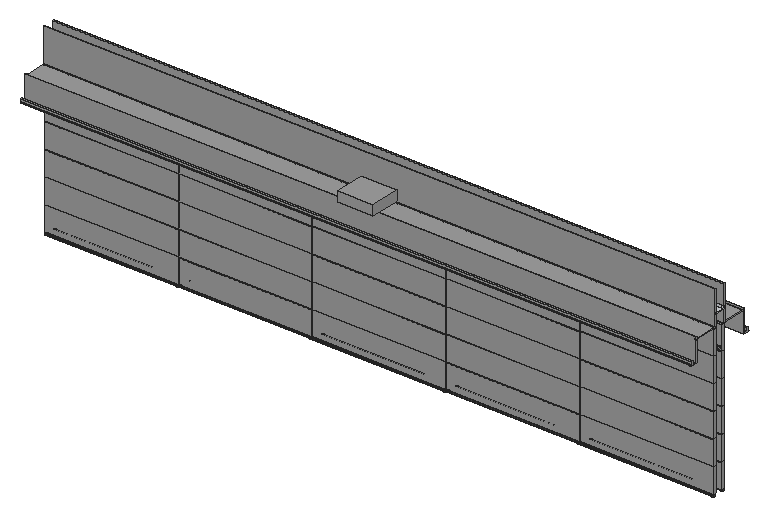
Revit family
Parameters (values of type "10' - 6"")
  Visibility Of Unfold Single Panel [instance] = and(not(Fold), Number Of Panels < 2)  # no
  Visibility Of Fold Single Panel [instance] = and(Fold, Number Of Panels < 2)  # no
  Visibility Of Fold Panels [instance] = and(Fold, Number Of Panels > 1)  # no
  URL = "http://www.skyfold.com/"
  Total Panel Height = ([Panel Height"F"] * 6) + 0' 2 1/2"  # 11' - 11 1/2"
  Pocket Material [instance] = Default
  Panel Array [instance] = if(Number Of Panels < 3, 2, Number Of Panels)  # 5
  Panel 6 Material [instance] = Default
  Panel 5 Material [instance] = Default
  Panel 4 Material [instance] = Default
  Panel 3 Material [instance] = Default
  Panel 2 Material [instance] = Default
  Model = "Compact Drive System"
  Manufacturer = "Skyfold"
  Description = "Custom Powerlift Partitions"
  Center Pantograph Visibility [instance] = Number Of Panels > 2  # yes
  Visibility Of Single Pantograph [instance] = and(Number Of Panels = 2, Total Wall Length > 16' 0")  # no
  Total Wall Length [instance] = 54' - 0"
  Wall Thickness = 0' - 11 3/4"  # constant formula
  Unfold [instance] = and(not(Fold), Number Of Panels > 1)  # yes
  Pocket Width"E" = 4' - 8 3/4"
  Pocket Depth"D" = 1' - 8 1/2"
  Panel Length [instance] = (Total Wall Length - 0' 2" - (Number Of Panels - 1) * 0' 0 1/2") / Number Of Panels  # 10' - 8.8"
  Panel Height"F" = 1' - 11 1/2"
  Offset From Ceiling [instance] = 0' - 0"
  Center Pantographs [instance] = if(Number Of Panels < 3, 2, Number Of Panels - 1)  # 4
  Number Of Panels [instance] = (Total Wall Length / Max Panel Length) + 0.499  # 5
  Motor Positionning [instance] = if(or(Number Of Panels = 1, Total Wall Length < 16' 1", Number Of Panels = 3, Number Of Panels = 5, Number Of Panels = 7, Number Of Panels = 9, Number Of Panels = 11), (Total Wall Length / 2), (Total Wall Length / 2) - (Panel Length / 2))  # 27' - 0"
  Max Wall Length [instance] = 100' - 0"  # constant formula
  Max Panel Length [instance] = 12' - 0"  # constant formula
  Height Between Panels [instance] = [Panel Height"F"] + 0' 0 1/2"  # 2' - 0"
  Fold [instance] = no
  Distance From Acoustic Barrier = 0' - 2"  # constant formula
  Distance Between Panels [instance] = Panel Length + 0' 0 1/2"  # 10' - 9.3"
  Finished Ceiling"A" = 10' - 6"
  Panel 1 Material [instance] = Default
  Top Of Acoustic Barrier [instance] = 15' - 0"
  Assembly Code = ""
  Beam Height"B" = 13' - 2 1/4"
  Acoustic Barrier"C" = 12' - 2 1/2"
Reference planes (in)
  plane 1 "Center (Front/Back)": y = 0
  plane 2 "Ceiling": z = 96
  plane 3 "Center (Left/Right)": x = 0
  plane 4: y = -28.375
  plane 5: y = 28.375
  plane 6: y = -5.875
  plane 7: y = 5.875
  plane 8: x = 648
  plane 9: x = 1
  plane 10: x = 130.3
  plane 11: z = 95.96875
  plane 12: z = 116.46875
  plane 13: z = -30.03125
  plane 14 "Beam height": z = 128.21875
  plane 15 "ouverture": y = -35.68131
  plane 16: x = 324
  plane 17 "BOAB": z = 114.46875
  plane 18: z = 95.96875
Lines and regions (in)
  Opening 1
    outline origin (0, 3.93322, 96) x (1, 0, 0) y (0, 1, 0)
      loop
        line (0, 29.69178) -> (0, -37.55822) -> (648, -37.55822) -> (648, 29.69178) -> (0, 29.69178)
Dimensions and locks (in)
  equal spacing: host sketch curve, plane 3 "Center (Left/Right)", host sketch curve
  equal spacing: host sketch curve, plane 1 "Center (Front/Back)", host sketch curve
  host sketch curve to host sketch curve = 10' - 0"  (x2)
  plane 2 "Ceiling" to level = 7' - 0"
  equal spacing: plane 4, plane 1 "Center (Front/Back)", plane 5
  "Pocket Width"E"": plane 4 to plane 5
  equal spacing: plane 6, plane 1 "Center (Front/Back)", plane 7
  "Wall Thickness": plane 6 to plane 7
  "Total Wall Length": plane 8 to plane 3 "Center (Left/Right)"
  locked: plane 9 to plane 3 "Center (Left/Right)" at 1
  "Distance Between Panels": plane 10 to plane 9
  locked: plane 2 "Ceiling" to plane 11 at 0.03125
  equal spacing: group 1, group 2, group 7, group 9, group 10  (x3)
  equal spacing: group 3, group 4, group 8, group 11, group 12  (x3)
  "Finished Ceiling"A"": plane 11 to plane 13
  "Beam Height"B"": plane 14 "Beam height" to plane 13
  locked: nested 8 to plane 3 "Center (Left/Right)" at 32
  locked: plane 8 to nested 9 at 32
  locked: nested 5 to nested 10 at 0.25
  equal spacing: group 5, group 6, group 13, group 14  (x3)
  "Distance Between Panels": nested 11 to nested 10
  locked: plane 10 to nested 12 at 0.25
  "Motor Positionning": plane 16 to plane 3 "Center (Left/Right)"
  locked: plane 12 to plane 17 "BOAB" at 2
  "Offset From Ceiling": plane 11 to plane 18
  "Pocket Depth"D"": plane 12 to plane 18
  aligned and locked: nested 1 to Opening 1 sketch curve  (x2)
  aligned and locked: Opening 1 sketch curve to plane 8
  aligned and locked: plane 2 "Ceiling" to host ceiling
  aligned and locked: nested 2 to plane 1 "Center (Front/Back)"
  aligned and locked: nested 2 to plane 9
  aligned and locked: Opening 1 sketch curve to nested 1
  aligned and locked: nested 1 to plane 3 "Center (Left/Right)"
  aligned and locked: nested 4 to plane 10
  aligned and locked: plane 10 to nested 5
  aligned and locked: plane 8 to nested 6
  aligned and locked: plane 3 "Center (Left/Right)" to nested 6
  aligned and locked: nested 13 to plane 1 "Center (Front/Back)"
  aligned and locked: plane 14 "Beam height" to nested 6
  aligned and locked: nested 1 to nested 6
  aligned and locked: plane 14 "Beam height" to nested 8
  aligned and locked: plane 14 "Beam height" to nested 12
  aligned and locked: plane 14 "Beam height" to nested 10
  aligned and locked: nested 11 to plane 14 "Beam height"
  aligned and locked: nested 9 to plane 14 "Beam height"
  aligned and locked: nested 14 to plane 1 "Center (Front/Back)"
  aligned and locked: nested 15 to nested 14
  aligned and locked: plane 9 to nested 15
  aligned and locked: nested 16 to nested 14
  aligned and locked: nested 16 to plane 9
  aligned and locked: plane 14 "Beam height" to nested 7
  aligned and locked: plane 16 to nested 7
  aligned and locked: nested 13 to plane 18
  aligned and locked: nested 3 to plane 18
  aligned and locked: nested 15 to plane 18
  aligned and locked: nested 5 to plane 18
  aligned and locked: plane 18 to nested 1
  aligned and locked: nested 14 to plane 17 "BOAB"
  aligned and locked: nested 16 to plane 17 "BOAB"
  aligned and locked: nested 19 to plane 11
  aligned and locked: plane 5 to nested 19
  aligned and locked: nested 21 to plane 14 "Beam height"
  aligned and locked: plane 7 to nested 21
  aligned and locked: plane 15 "ouverture" to nested 20
  aligned and locked: nested 20 to plane 14 "Beam height"
Nested families (in)
  nested 1: "Pocket" at (0, -10.75, 97.27344), Acoustic_Barrier"C" <- "Acoustic Barrier"C"", Total_Wall_Length <- "Total Wall Length", T.O. Acoustic_Barrier <- "Top Of Acoustic Barrier", Beam_Height <- "Beam Height"B"", Pocket Material <- "Pocket Material", type "Pocket"
    with Total_Wall_Length 54' - 0", T.O. Acoustic_Barrier 15' - 0", Pocket Material Default, Motor_Length 2' - 10", Motor_Height 0' - 11 1/2", Beam_Height 13' - 2 1/4", Acoustic_Barrier"C" 12' - 2 1/2", Pocket_Width"E" 4' - 8 3/4", Pocket_Depth"D" 1' - 8 1/2", Finished_Ceiling"A" 10' - 6"
  nested 2: "Groupe_5 panneaux" at (1, 0, -116.39108), panel_length <- "Panel Length", visible <- "Unfold", Total_Panel-Height <- "Total Panel Height", Panel 1 material <- "Panel 1 Material", Panel 2 material <- "Panel 2 Material", Panel 3 material <- "Panel 3 Material", Panel 4 material <- "Panel 4 Material", Panel 5 material <- "Panel 5 Material", Panel 6 material <- "Panel 6 Material", type "Groupe_5 panneaux"
    with panel_length 10' - 8.8", Total_Panel-Height 11' - 11 1/2", Panel 6 material Default, Panel 5 material Default, Panel 4 material Default, Panel 3 material Default, Panel 2 material Default, Panel 1 material Default
  nested 3: "Panneau_hor" at (1, 12.57079, 83.96875), panel_length <- "Panel Length", panel_height <- "Panel Height"F"", visible <- "Visibility Of Fold Panels", Panel_Material <- "Panel 6 Material", type "Panneau_hor"
    with panel_length 10' - 8.8", panel_height 1' - 11 1/2", Panel_Material Default
  nested 4: "Groupe_5 panneaux" at (130.3, 0, -116.39108), panel_length <- "Panel Length", visible <- "Unfold", Total_Panel-Height <- "Total Panel Height", Panel 1 material <- "Panel 1 Material", Panel 2 material <- "Panel 2 Material", Panel 3 material <- "Panel 3 Material", Panel 4 material <- "Panel 4 Material", Panel 5 material <- "Panel 5 Material", Panel 6 material <- "Panel 6 Material", type "Groupe_5 panneaux"
    with panel_length 10' - 8.8", Total_Panel-Height 11' - 11 1/2", Panel 6 material Default, Panel 5 material Default, Panel 4 material Default, Panel 3 material Default, Panel 2 material Default, Panel 1 material Default
  nested 5: "Panneau_hor" at (130.3, 12.57079, 83.96875), panel_length <- "Panel Length", panel_height <- "Panel Height"F"", visible <- "Visibility Of Fold Panels", Panel_Material <- "Panel 6 Material", type "Panneau_hor"
    with panel_length 10' - 8.8", panel_height 1' - 11 1/2", Panel_Material Default
  nested 6: "Beam" at (0, -10.75, 109.52344), type "Pocket"
    with Total_Wall_Length 54' - 0"
  nested 7: "Motor" at (307, -23, 118.21875), type "Compact"
  nested 8: "Pantograph" at (54.25, -4, 115.9375) x (0, 1, 0) z (0, 0, 1), type "Pantograph"
  nested 9: "Pantograph" at (638.25, -4, 115.9375) x (0, 1, 0) z (0, 0, 1), type "Pantograph"
  nested 10: "Pantograph" at (152.3, -4, 115.9375) x (0, 1, 0) z (0, 0, 1), visible <- "Center Pantograph Visibility", type "Pantograph"
  nested 11: "Pantograph" at (281.6, -4, 115.9375) x (0, 1, 0) z (0, 0, 1), visible <- "Center Pantograph Visibility", type "Pantograph"
  nested 12: "Pantograph" at (152.3, -4, 115.9375) x (0, 1, 0) z (0, 0, 1), visible <- "Visibility Of Single Pantograph", type "Pantograph"
  nested 13: "2D Fold Panels" at (1, 2.48811, 95.96875) x (0, 1, 0) z (1, 0, 0), visible <- "Fold", Panel_Height <- "Panel Height"F"", type "Complete Panels"
    with Panel_Height 1' - 11 1/2"
  nested 14: "2D Unfold Panels" at (1, 0.10225, 23.59375) x (0, 1, 0) z (1, 0, 0), visible <- "Unfold", type "Unfold panels"
  nested 15: "Panneau_hor" at (1, 12.57079, 83.96875), panel_length <- "Panel Length", panel_height <- "Panel Height"F"", Panel_Material <- "Panel 1 Material", visible <- "Visibility Of Fold Single Panel", type "Panneau_hor"
    with panel_length 10' - 8.8", panel_height 1' - 11 1/2", Panel_Material Default
  nested 16: "Groupe_5 panneaux" at (1, 0, -116.39108), panel_length <- "Panel Length", visible <- "Visibility Of Unfold Single Panel", Total_Panel-Height <- "Total Panel Height", Panel 6 material <- "Panel 6 Material", Panel 5 material <- "Panel 5 Material", Panel 4 material <- "Panel 4 Material", Panel 3 material <- "Panel 3 Material", Panel 2 material <- "Panel 2 Material", Panel 1 material <- "Panel 1 Material", type "Groupe_5 panneaux"
    with panel_length 10' - 8.8", Total_Panel-Height 11' - 11 1/2", Panel 6 material Default, Panel 5 material Default, Panel 4 material Default, Panel 3 material Default, Panel 2 material Default, Panel 1 material Default
  nested 17: "Groupe_5 panneaux" at (259.6, 0, -116.39108), panel_length <- "Panel Length", visible <- "Unfold", Total_Panel-Height <- "Total Panel Height", Panel 1 material <- "Panel 1 Material", Panel 2 material <- "Panel 2 Material", Panel 3 material <- "Panel 3 Material", Panel 4 material <- "Panel 4 Material", Panel 5 material <- "Panel 5 Material", Panel 6 material <- "Panel 6 Material", type "Groupe_5 panneaux"
    with panel_length 10' - 8.8", Total_Panel-Height 11' - 11 1/2", Panel 6 material Default, Panel 5 material Default, Panel 4 material Default, Panel 3 material Default, Panel 2 material Default, Panel 1 material Default
  nested 18: "Panneau_hor" at (259.6, 12.57079, 83.96875), panel_length <- "Panel Length", panel_height <- "Panel Height"F"", visible <- "Visibility Of Fold Panels", Panel_Material <- "Panel 6 Material", type "Panneau_hor"
    with panel_length 10' - 8.8", panel_height 1' - 11 1/2", Panel_Material Default
  nested 19: "Suspended Ceiling Component" at (648, 28.375, 95.96875) x (0, 1, 0) z (1, 0, 0), type "Suspended Ceiling Component"
  nested 20: "Disclaimer Component" at (648, -35.68131, 128.21875) x (0, 1, 0) z (1, 0, 0), type "Disclaimer Component"
  nested 21: "construction as per ASTM E557 Component" at (648, 5.875, 128.21875) x (0, 1, 0) z (1, 0, 0), type "construction as per ASTM E557 Component"
  nested 22: "Groupe_5 panneaux" at (388.9, 0, -116.39108), panel_length <- "Panel Length", visible <- "Unfold", Total_Panel-Height <- "Total Panel Height", Panel 1 material <- "Panel 1 Material", Panel 2 material <- "Panel 2 Material", Panel 3 material <- "Panel 3 Material", Panel 4 material <- "Panel 4 Material", Panel 5 material <- "Panel 5 Material", Panel 6 material <- "Panel 6 Material", type "Groupe_5 panneaux"
    with panel_length 10' - 8.8", Total_Panel-Height 11' - 11 1/2", Panel 6 material Default, Panel 5 material Default, Panel 4 material Default, Panel 3 material Default, Panel 2 material Default, Panel 1 material Default
  nested 23: "Groupe_5 panneaux" at (518.2, 0, -116.39108), panel_length <- "Panel Length", visible <- "Unfold", Total_Panel-Height <- "Total Panel Height", Panel 1 material <- "Panel 1 Material", Panel 2 material <- "Panel 2 Material", Panel 3 material <- "Panel 3 Material", Panel 4 material <- "Panel 4 Material", Panel 5 material <- "Panel 5 Material", Panel 6 material <- "Panel 6 Material", type "Groupe_5 panneaux"
    with panel_length 10' - 8.8", Total_Panel-Height 11' - 11 1/2", Panel 6 material Default, Panel 5 material Default, Panel 4 material Default, Panel 3 material Default, Panel 2 material Default, Panel 1 material Default
  nested 24: "Panneau_hor" at (388.9, 12.57079, 83.96875), panel_length <- "Panel Length", panel_height <- "Panel Height"F"", visible <- "Visibility Of Fold Panels", Panel_Material <- "Panel 6 Material", type "Panneau_hor"
    with panel_length 10' - 8.8", panel_height 1' - 11 1/2", Panel_Material Default
  nested 25: "Panneau_hor" at (518.2, 12.57079, 83.96875), panel_length <- "Panel Length", panel_height <- "Panel Height"F"", visible <- "Visibility Of Fold Panels", Panel_Material <- "Panel 6 Material", type "Panneau_hor"
    with panel_length 10' - 8.8", panel_height 1' - 11 1/2", Panel_Material Default
  nested 26: "Pantograph" at (410.9, -4, 115.9375) x (0, 1, 0) z (0, 0, 1), visible <- "Center Pantograph Visibility", type "Pantograph"
  nested 27: "Pantograph" at (540.2, -4, 115.9375) x (0, 1, 0) z (0, 0, 1), visible <- "Center Pantograph Visibility", type "Pantograph"
Definition of nested family "Pocket"
  Parameters (values of type "Pocket")
    Total_Wall_Length [instance] = 35' - 0"
    T.O. Acoustic_Barrier [instance] = 13' - 0"
    Pocket_Width"E" = 4' - 6 1/2"
    Pocket_Depth"D" = 1' - 8 1/4"
    Pocket Material [instance] = Pocket mat
    Motor_Length [instance] = 2' - 6 29/128"
    Motor_Height [instance] = 1' - 3"
    Finished_Ceiling"A" = 10' - 4"
    Assembly Code = ""
    Beam_Height [instance] = 10' - 0"
    Acoustic_Barrier"C" [instance] = 3' - 0"
  Reference planes (in)
    plane 1 "Center (Front/Back)": y = 10.75
    plane 2: z = 18.94531
    plane 3 "Center (Left/Right)": x = 0
    plane 4: z = -1.30469
    plane 5: y = -16.5
    plane 6: y = 38
    plane 7: y = -21.75
    plane 8: y = 43.25
    plane 9: z = 2.32031
    plane 10: y = 4.75
    plane 11: y = 16.75
    plane 12: x = 420
    plane 13: z = 24.69531
    plane 14: z = 71.18777
    plane 15: z = 30.69531
    plane 16: z = -125.30469
    plane 17: x = 12.89513
    plane 18: x = 203.52734
    plane 19: z = -5.30469
  Forms (in)
    Extrusion 1, solid, material "Pocket mat" <- "Pocket Material"
      sketch origin (0, 0, 0) x (0, 1, 0) y (0, 0, 1)
        loop
          line (-21.75, 2.32031) -> (-21.75, -1.30469) -> (-16.5, -1.30469) -> (-16.5, 20.94531) -> (-17.125, 20.94531) -> (-17.125, -0.67969) -> (-21.125, -0.67969) -> (-21.125, 2.32031) -> (-21.75, 2.32031)
        loop
          line (-16.28125, 18.94531) -> (4.53125, 18.94531) -> (4.53125, 19.57031) -> (-16.28125, 19.57031) -> (-16.28125, 18.94531)
      from 0 to 420
    Extrusion 2, solid, material "Pocket mat" <- "Pocket Material"
      sketch origin (0, 0, 0) x (0, 1, 0) y (0, 0, 1)
        loop
          line (9.75, -1.30469) -> (11.75, -1.30469) -> (11.75, -1.05469) -> (10.875, -1.05469) -> (10.875, 0.69531) -> (10.625, 0.69531) -> (10.625, -1.05469) -> (9.75, -1.05469) -> (9.75, -1.30469)
      from 0 to 420
    Extrusion 3, solid, material "Pocket mat" <- "Pocket Material"
      sketch origin (0, 0, 0) x (0, 1, 0) y (0, 0, 1)
        loop
          line (4.75, 18.94531) -> (5.75, 18.94531) -> (5.75, 30.69531) -> (4.75, 30.69531) -> (4.75, 18.94531)
      from 0 to 420
    Extrusion 4, solid, material "Pocket mat" <- "Pocket Material"
      sketch origin (0, 21.5, 0) x (0, -1, 0) y (0, 0, -1)
        loop
          line (4.75, -18.94531) -> (4.75, -30.69531) -> (5.75, -30.69531) -> (5.75, -18.94531) -> (4.75, -18.94531)
      from 0 to 420
    Extrusion 5, solid, material "Pocket mat" <- "Pocket Material"
      sketch origin (420, 0, 0) x (0, 1, 0) y (0, 0, 1)
        loop
          line (-16.5, 19.64844) -> (-16.5, 18.85156) -> (-15.75, 18.85156) -> (-15.75, 18.94531) -> (-16.40625, 18.94531) -> (-16.40625, 19.64844) -> (-16.5, 19.64844)
      from -420 to 0
    Extrusion 6, solid, material "Pocket mat" <- "Pocket Material"
      sketch origin (420, -21.98359, 0) x (0, -1, 0) y (0, 0, -1)
        loop
          line (-26.73359, -19.64844) -> (-26.63984, -19.64844) -> (-26.63984, -18.94531) -> (-25.98359, -18.94531) -> (-25.98359, -18.85156) -> (-26.73359, -18.85156) -> (-26.73359, -19.64844)
      from -420 to 0
    Extrusion 7, solid, material "Pocket mat" <- "Pocket Material"
      sketch origin (420, -57.55768, -19.35805) x (0, -1, 0) y (0, 0, -1)
        loop
          line (-35.80768, -18.75649) -> (-35.71393, -18.75649) -> (-35.71393, -18.05336) -> (-35.05768, -18.05336) -> (-35.05768, -17.95961) -> (-35.80768, -17.95961) -> (-35.80768, -18.75649)
      from -420 to 0
    Extrusion 8, solid, material "Pocket mat" <- "Pocket Material"
      sketch origin (0, 21.5, 0) x (0, -1, 0) y (0, 0, -1)
        loop
          line (-21.75, -2.32031) -> (-21.125, -2.32031) -> (-21.125, 0.67969) -> (-17.125, 0.67969) -> (-17.125, -20.94531) -> (-16.5, -20.94531) -> (-16.5, 1.30469) -> (-21.75, 1.30469) -> (-21.75, -2.32031)
        loop
          line (-16.28125, -18.94531) -> (-16.28125, -19.57031) -> (4.53125, -19.57031) -> (4.53125, -18.94531) -> (-16.28125, -18.94531)
      from 0 to 420
    Extrusion 9, solid, material "Pocket mat" <- "Pocket Material"
      sketch origin (420, 21.5, 0) x (0, -1, 0) y (0, 0, -1)
        loop
          line (-16.5, -19.64844) -> (-16.40625, -19.64844) -> (-16.40625, -18.94531) -> (-15.75, -18.94531) -> (-15.75, -18.85156) -> (-16.5, -18.85156) -> (-16.5, -19.64844)
      from -420 to 0
    Extrusion 10, solid, material "Pocket mat" <- "Pocket Material"
      sketch origin (420, 43.48359, 0) x (0, 1, 0) y (0, 0, 1)
        loop
          line (-26.73359, 19.64844) -> (-26.73359, 18.85156) -> (-25.98359, 18.85156) -> (-25.98359, 18.94531) -> (-26.63984, 18.94531) -> (-26.63984, 19.64844) -> (-26.73359, 19.64844)
      from -420 to 0
    Extrusion 11, solid, material "Pocket mat" <- "Pocket Material"
      sketch origin (420, 79.05768, -19.35805) x (0, 1, 0) y (0, 0, 1)
        loop
          line (-35.80768, 18.75649) -> (-35.80768, 17.95961) -> (-35.05768, 17.95961) -> (-35.05768, 18.05336) -> (-35.71393, 18.05336) -> (-35.71393, 18.75649) -> (-35.80768, 18.75649)
      from -420 to 0
  Lines and regions (in)
    symbolic lines
      curve 1: line (420, -21.125, -0.67969) -> (420, -17.125, -0.67969)
      curve 2: line (420, -21.125, 30.69531) -> (420, -21.125, -0.67969)
      curve 3: line (420, -17.125, 30.69531) -> (420, -21.125, 30.69531)
      curve 4: line (420, -17.125, -0.67969) -> (420, -17.125, 30.69531)
      curve 5: line (420, 42.625, -0.67969) -> (420, 38.625, -0.67969)
      curve 6: line (420, 42.625, 30.69531) -> (420, 42.625, -0.67969)
      curve 7: line (420, 38.625, 30.69531) -> (420, 42.625, 30.69531)
      curve 8: line (420, 38.625, -0.67969) -> (420, 38.625, 30.69531)
    symbolic lines, style "GenericModel"
      curve 9: line (0, 5.25, 30.69531) -> (0, 5.25, 18.94531)
      curve 10: line (0, 16.25, 30.69531) -> (0, 16.25, 18.94531)
  Dimensions and locks (in)
    locked: plane 7 to plane 5 at 5.25
    locked: plane 9 to plane 4 at 3.625
    locked: plane 6 to plane 8 at 5.25
    plane 10 to plane 1 "Center (Front/Back)" = 0' - 6"
    plane 10 to plane 11 = 1' - 0"
    "Pocket_Width"E"": plane 5 to plane 6
    equal spacing: plane 5, plane 1 "Center (Front/Back)", plane 6
    "Finished_Ceiling"A"": plane 4 to level
    locked: plane 7 to Extrusion 1 sketch curve at 0.625
    locked: Extrusion 1 sketch curve to plane 4 at 0.625
    locked: Extrusion 1 sketch curve to Extrusion 1 sketch curve at 0.625
    Extrusion 1 sketch curve to Extrusion 1 sketch curve = 0' - 0 5/8"
    "Total_Wall_Length": plane 12 to plane 3 "Center (Left/Right)"
    equal spacing: Extrusion 2 sketch curve, plane 1 "Center (Front/Back)", Extrusion 2 sketch curve  (x2)
    locked: Extrusion 2 sketch curve to plane 4 at 2
    locked: Extrusion 2 sketch curve to plane 4 at 0.25
    locked: Extrusion 2 sketch curve to plane 1 "Center (Front/Back)" at 0.125
    locked: Extrusion 1 sketch curve to Extrusion 1 sketch curve at 0.21875
    Extrusion 1 sketch curve to plane 2 = 0' - 2"
    locked: plane 10 to Extrusion 3 sketch curve at 1
    "Pocket_Depth"D"": plane 2 to plane 4
    locked: plane 13 to plane 16 at 150
    "T.O. Acoustic_Barrier": plane 15 to plane 16
    locked: plane 18 to plane 3 "Center (Left/Right)" at 203.52734
    "Beam_Height": plane 19 to plane 16
    plane 4 to plane 16 = 10' - 4"
    Extrusion 1 to Extrusion 1 to plane 5 = 0' - 0 5/8", 0' - 0"
    locked: Extrusion 1 sketch curve to Extrusion 1 sketch curve at 1.375
    locked: Extrusion 1 sketch curve to plane 10 at 0.21875
    locked: Extrusion 5 sketch curve to Extrusion 5 sketch curve at 0.09375  (x2)
    locked: Extrusion 5 sketch curve to Extrusion 5 sketch curve at 0.79688
    locked: Extrusion 5 sketch curve to Extrusion 5 sketch curve at 0.75
    locked: Extrusion 6 sketch curve to Extrusion 6 sketch curve at 0.09375  (x2)
    locked: Extrusion 6 sketch curve to Extrusion 6 sketch curve at 0.79688
    locked: Extrusion 6 sketch curve to Extrusion 6 sketch curve at 0.75
    locked: Extrusion 7 sketch curve to Extrusion 7 sketch curve at 0.09375  (x2)
    locked: Extrusion 7 sketch curve to Extrusion 7 sketch curve at 0.79688
    locked: Extrusion 7 sketch curve to Extrusion 7 sketch curve at 0.75
    locked: Extrusion 8 sketch curve to Extrusion 8 sketch curve at 0.625
    Extrusion 8 sketch curve to Extrusion 8 sketch curve = 0' - 0 5/8"
    locked: Extrusion 8 sketch curve to Extrusion 8 sketch curve at 0.21875
    Extrusion 8 sketch curve to Extrusion 8 sketch curve = 0' - 1 3/8"
    locked: Extrusion 9 sketch curve to Extrusion 9 sketch curve at 0.09375  (x2)
    locked: Extrusion 9 sketch curve to Extrusion 9 sketch curve at 0.79688
    locked: Extrusion 9 sketch curve to Extrusion 9 sketch curve at 0.75
    locked: Extrusion 10 sketch curve to Extrusion 10 sketch curve at 0.09375  (x2)
    locked: Extrusion 10 sketch curve to Extrusion 10 sketch curve at 0.79688
    locked: Extrusion 10 sketch curve to Extrusion 10 sketch curve at 0.75
    locked: Extrusion 11 sketch curve to Extrusion 11 sketch curve at 0.09375  (x2)
    locked: Extrusion 11 sketch curve to Extrusion 11 sketch curve at 0.79688
    locked: Extrusion 11 sketch curve to Extrusion 11 sketch curve at 0.75
    aligned and locked: plane 12 to Extrusion 1
    aligned and locked: Extrusion 2 sketch curve to Extrusion 2 sketch curve
    aligned and locked: Extrusion 2 to plane 3 "Center (Left/Right)"
    aligned and locked: plane 12 to Extrusion 2
    aligned and locked: Extrusion 3 sketch curve to plane 2
    aligned and locked: Extrusion 3 sketch curve to plane 10
    aligned and locked: plane 15 to Extrusion 4
    aligned and locked: plane 15 to Extrusion 3
    aligned and locked: plane 12 to Extrusion 3
    aligned and locked: plane 12 to Extrusion 4
    aligned and locked: plane 16 to level
    aligned and locked: curve 1 to Extrusion 1  (x2)
    aligned and locked: curve 4 to Extrusion 1
    aligned and locked: curve 7 to plane 15
    aligned and locked: plane 5 to Extrusion 5
    aligned and locked: plane 2 to Extrusion 5
    aligned and locked: plane 10 to Extrusion 6
    aligned and locked: plane 2 to Extrusion 6
    aligned and locked: plane 7 to Extrusion 7
    aligned and locked: plane 4 to Extrusion 7
    aligned and locked: plane 6 to Extrusion 9
    aligned and locked: plane 4 to Extrusion 11
    aligned and locked: Extrusion 11 to plane 8
    aligned and locked: plane 12 to Extrusion 5
    aligned and locked: plane 12 to Extrusion 6
    aligned and locked: Extrusion 10 to plane 3 "Center (Left/Right)"
    aligned and locked: Extrusion 6 to plane 3 "Center (Left/Right)"
    aligned and locked: Extrusion 5 to plane 3 "Center (Left/Right)"
    aligned and locked: plane 12 to Extrusion 10
    aligned and locked: plane 12 to Extrusion 9
    aligned and locked: Extrusion 9 to plane 3 "Center (Left/Right)"
    aligned and locked: plane 12 to Extrusion 7
    aligned and locked: plane 12 to Extrusion 11
    aligned and locked: Extrusion 7 to plane 3 "Center (Left/Right)"
    aligned and locked: Extrusion 11 to plane 3 "Center (Left/Right)"
    aligned and locked: Extrusion 8 to curve 8
    aligned and locked: curve 6 to Extrusion 8
    aligned and locked: curve 5 to Extrusion 8
    aligned and locked: plane 12 to Extrusion 8
    aligned and locked: Extrusion 1 to plane 3 "Center (Left/Right)"
    aligned and locked: Extrusion 8 to plane 3 "Center (Left/Right)"
    aligned and locked: Extrusion 8 to Extrusion 1
  Automatic sketch dimensions
    curve 9 to plane 2 = 0' - 0"
    curve 9 to plane 15 = 0' - 0"
    curve 10 to plane 2 = 0' - 0"
    curve 10 to plane 15 = 0' - 0"
    plane 10 to curve 9 = 0' - 0 1/2"
    curve 10 to plane 11 = 0' - 0 1/2"
    Extrusion 1 sketch curve to plane 4 = 0' - 0"
    Extrusion 1 sketch curve to plane 7 = 0' - 0"
    Extrusion 1 sketch curve to plane 5 = 0' - 0"
    Extrusion 1 sketch curve to plane 9 = 0' - 0"
    Extrusion 2 sketch curve to plane 4 = 0' - 0"
    Extrusion 2 sketch curve to Extrusion 2 sketch curve = 0' - 0 7/8"
    Extrusion 3 sketch curve to plane 15 = 0' - 0"
    Extrusion 4 sketch curve to plane 11 = 0' - 0"
    Extrusion 4 sketch curve to plane 15 = 0' - 0"
    Extrusion 4 sketch curve to plane 2 = 0' - 0"
    plane 11 to Extrusion 4 sketch curve = 0' - 1"
    curve 3 to Extrusion 3 = 0' - 0"
    Extrusion 5 sketch curve to Extrusion 3 = 0' - 0"
    Extrusion 3 to Extrusion 5 sketch curve = 1' - 9 1/4"
    Extrusion 6 sketch curve to Extrusion 3 = 0' - 0"  (x2)
    Extrusion 3 to Extrusion 7 sketch curve = 2' - 2 1/2"
    Extrusion 3 to Extrusion 7 sketch curve = 1' - 7 35/64"
    Extrusion 8 sketch curve to plane 4 = 0' - 0"
    Extrusion 8 sketch curve to plane 8 = 0' - 0"
    Extrusion 8 sketch curve to plane 9 = 0' - 0"
    Extrusion 8 sketch curve to plane 6 = 0' - 0"
    Extrusion 8 sketch curve to plane 2 = 0' - 0"
    plane 8 to Extrusion 8 sketch curve = 0' - 0 5/8"
    Extrusion 8 sketch curve to plane 11 = 0' - 0 7/32"
    Extrusion 8 sketch curve to plane 4 = 0' - 0 5/8"
    Extrusion 3 to Extrusion 9 sketch curve = 0' - 0"
    Extrusion 3 to Extrusion 9 sketch curve = 2' - 8 1/4"
    Extrusion 3 to Extrusion 10 sketch curve = 0' - 0"
    Extrusion 3 to Extrusion 10 sketch curve = 0' - 11"
    Extrusion 3 to Extrusion 11 sketch curve = 3' - 1 1/2"
    Extrusion 3 to Extrusion 11 sketch curve = 1' - 8 11/32"
Definition of nested family "Groupe_5 panneaux"
  Parameters (values of type "Groupe_5 panneaux")
    panel_length [instance] = 3' - 0"
    panel_height = 1' - 11 1/2"
    folded_width = 0' - 11 3/4"
    Total_Panel-Height [instance] = 9' - 2 3/4"
    Panel 6 material [instance] = wood
    Panel 5 material [instance] = Verre
    Panel 4 material [instance] = wood
    Panel 3 material [instance] = Verre
    Panel 2 material [instance] = wood
    Panel 1 material [instance] = Verre
    Height_distance_bet_panels = panel_height + 0' 0 1/2"  # 2' - 0"
    Assembly Code = ""
  Reference planes (in)
    plane 1 "Center (Front/Back)": y = 0
    plane 2: z = 0
    plane 3 "Center (Left/Right)": x = 0
    plane 4: y = 5.875
    plane 5: z = 231.96921
    plane 6: y = -5.875
    plane 7: x = 36
    plane 8: z = 121.21921
    plane 9: z = 207.96921
    plane 10: z = 183.96921
    plane 11: z = 159.96921
    plane 12: z = 135.96921
    plane 13: z = 111.96921
    plane 14: z = 208.46921
  Forms (in)
    Extrusion 1, solid, material "Plastic_Seal"
      sketch origin (0, 1.79895, 58.50004) x (0, 1, 0) y (0, 0, 1)
        loop
          line (-6.80477, 61.03907) -> (-7.05382, 62.46917) -> (-6.92395, 62.46917) -> (-6.92395, 62.71918) -> (-7.67395, 62.71918) -> (-7.67395, 62.46917) -> (-7.41508, 62.46917) -> (-7.66413, 61.03907)
          arc (-7.66413, 61.03907) -> (-7.23445, 60.60939) -> (-6.80477, 61.03907) r 0.42968
      from 0 to 36
    Extrusion 2, solid, material "Plastic_Seal"
      sketch origin (0, -1.79895, 58.50004) x (0, -1, 0) y (0, 0, -1)
        loop
          arc (-6.80477, -61.03907) -> (-7.23445, -60.60939) -> (-7.66413, -61.03907) r 0.42968
          line (-7.66413, -61.03907) -> (-7.41508, -62.46917) -> (-7.67395, -62.46917) -> (-7.67395, -62.71918) -> (-6.92395, -62.71918) -> (-6.92395, -62.46917) -> (-7.05382, -62.46917) -> (-6.80477, -61.03907)
      from 0 to 36
  Dimensions and locks (in)
    equal spacing: plane 6, plane 1 "Center (Front/Back)", plane 4
    "folded_width": plane 6 to plane 4
    "panel_length": plane 7 to plane 3 "Center (Left/Right)"
    "Total_Panel-Height": plane 5 to plane 8
    equal spacing: plane 5, plane 9, plane 10, plane 11, plane 12, plane 13
    "Height_distance_bet_panels": plane 5 to plane 9
    locked: plane 14 to plane 9 at 0.5
    aligned: plane 6 to nested 1
    aligned: nested 1 to plane 5  (x2)
    aligned and locked: plane 7 to Extrusion 1
    aligned and locked: Extrusion 1 to plane 3 "Center (Left/Right)"
    aligned and locked: Extrusion 1 to plane 6
    aligned and locked: Extrusion 2 to plane 3 "Center (Left/Right)"
    aligned and locked: plane 7 to Extrusion 2
    aligned and locked: nested 3 to plane 9
    aligned and locked: plane 9 to nested 2
    aligned and locked: nested 5 to plane 10
    aligned and locked: plane 10 to nested 4
    aligned and locked: nested 7 to plane 11
    aligned and locked: plane 11 to nested 6
    aligned and locked: nested 9 to plane 12
    aligned and locked: plane 12 to nested 8
    aligned and locked: nested 11 to plane 13
    aligned and locked: plane 13 to nested 10
    aligned: plane 14 to nested 1
    aligned and locked: nested 12 to plane 4
    aligned: plane 14 to nested 12
    aligned and locked: nested 1 to plane 5
    aligned and locked: nested 12 to plane 5
    aligned and locked: nested 11 to plane 6
    aligned and locked: plane 4 to nested 10
    aligned and locked: plane 6 to nested 9
    aligned and locked: plane 4 to nested 8
    aligned and locked: plane 4 to nested 6
    aligned and locked: plane 6 to nested 7
    aligned and locked: plane 4 to nested 4
    aligned and locked: plane 6 to nested 5
    aligned and locked: plane 4 to nested 2
    aligned and locked: plane 6 to nested 3
    aligned and locked: plane 6 to nested 1
  Automatic sketch dimensions
    Extrusion 1 sketch curve to plane 6 = 0' - 0"
    plane 6 to Extrusion 1 sketch curve = 0' - 0.00982"
    Extrusion 1 sketch curve to Extrusion 1 sketch curve = 0' - 0.25887"
    Extrusion 1 sketch curve to Extrusion 1 sketch curve = 0' - 0 55/128"
    Extrusion 1 sketch curve to plane 8 = 0' - 0 1/4"  (x2)
    Extrusion 1 sketch curve to Extrusion 1 sketch curve = 0' - 0.36126"
    plane 8 to Extrusion 1 sketch curve = 0' - 0"
    Extrusion 1 sketch curve to Extrusion 1 sketch curve = 0' - 0.12987"
    Extrusion 1 sketch curve to Extrusion 1 sketch curve = 0' - 1.4301"
    Extrusion 2 sketch curve to plane 4 = 0' - 0"
    plane 4 to Extrusion 2 sketch curve = 0' - 0.00982"
    Extrusion 2 sketch curve to Extrusion 2 sketch curve = 0' - 0.25887"
    Extrusion 2 sketch curve to Extrusion 2 sketch curve = 0' - 0 55/128"
    plane 8 to Extrusion 2 sketch curve = 0' - 0 1/4"  (x2)
    Extrusion 2 sketch curve to Extrusion 2 sketch curve = 0' - 0.36126"
    Extrusion 2 sketch curve to plane 8 = 0' - 0"
    Extrusion 2 sketch curve to Extrusion 2 sketch curve = 0' - 0.12987"
    Extrusion 2 sketch curve to Extrusion 2 sketch curve = 0' - 1.4301"
  Nested families (in)
    nested 1: "Top Panel" at (0, -3.625, 208.46921), panel_length <- "panel_length", Panel_Material <- "Panel 1 material", panel_height <- "panel_height", type "Top Panel"
      with panel_length 3' - 0", panel_height 1' - 11 1/2", Panel_Material Verre
    nested 2: "Panneau_top" at (0, 3.625, 184.46921), panel_height <- "panel_height", panel_length <- "panel_length", Panel_Material <- "Panel 2 material", type "Panneau_top"
      with panel_length 3' - 0", panel_height 1' - 11 1/2", Panel_Material wood
    nested 3: "Panneau_top" at (0, -3.625, 184.46921), panel_height <- "panel_height", panel_length <- "panel_length", Panel_Material <- "Panel 2 material", type "Panneau_top"
      with panel_length 3' - 0", panel_height 1' - 11 1/2", Panel_Material wood
    nested 4: "Panneau_top" at (0, 3.625, 160.46921), panel_height <- "panel_height", panel_length <- "panel_length", Panel_Material <- "Panel 3 material", type "Panneau_top"
      with panel_length 3' - 0", panel_height 1' - 11 1/2", Panel_Material Verre
    nested 5: "Panneau_top" at (0, -3.625, 160.46921), panel_height <- "panel_height", panel_length <- "panel_length", Panel_Material <- "Panel 3 material", type "Panneau_top"
      with panel_length 3' - 0", panel_height 1' - 11 1/2", Panel_Material Verre
    nested 6: "Panneau_top" at (0, 3.625, 136.46921), panel_height <- "panel_height", panel_length <- "panel_length", Panel_Material <- "Panel 4 material", type "Panneau_top"
      with panel_length 3' - 0", panel_height 1' - 11 1/2", Panel_Material wood
    nested 7: "Panneau_top" at (0, -3.625, 136.46921), panel_height <- "panel_height", panel_length <- "panel_length", Panel_Material <- "Panel 4 material", type "Panneau_top"
      with panel_length 3' - 0", panel_height 1' - 11 1/2", Panel_Material wood
    nested 8: "Panneau_top" at (0, 3.625, 112.46921), panel_height <- "panel_height", panel_length <- "panel_length", Panel_Material <- "Panel 5 material", type "Panneau_top"
      with panel_length 3' - 0", panel_height 1' - 11 1/2", Panel_Material Verre
    nested 9: "Panneau_top" at (0, -3.625, 112.46921), panel_height <- "panel_height", panel_length <- "panel_length", Panel_Material <- "Panel 5 material", type "Panneau_top"
      with panel_length 3' - 0", panel_height 1' - 11 1/2", Panel_Material Verre
    nested 10: "Panneau_top" at (0, 3.625, 88.46921), panel_height <- "panel_height", panel_length <- "panel_length", Panel_Material <- "Panel 6 material", type "Panneau_top"
      with panel_length 3' - 0", panel_height 1' - 11 1/2", Panel_Material wood
    nested 11: "Panneau_top" at (0, -3.625, 88.46921), panel_height <- "panel_height", panel_length <- "panel_length", Panel_Material <- "Panel 6 material", type "Panneau_top"
      with panel_length 3' - 0", panel_height 1' - 11 1/2", Panel_Material wood
    nested 12: "Top Panel" at (0, 5.875, 208.46921), panel_length <- "panel_length", Panel_Material <- "Panel 1 material", panel_height <- "panel_height", type "Top Panel"
      with panel_length 3' - 0", panel_height 1' - 11 1/2", Panel_Material Verre
  Definition of nested family "Top Panel"
    Parameters (values of type "Top Panel")
      panel_length [instance] = 4' - 0"
      panel_height [instance] = 4' - 0"
      Panel_Material [instance] = wood
      Assembly Code = ""
    Reference planes (in)
      plane 1 "Center (Front/Back)": y = 0
      plane 2: z = 0
      plane 3 "Center (Left/Right)": x = 0
      plane 4: z = 48
      plane 5: x = 48
      plane 6: z = 46.89062
    Forms (in)
      Extrusion 1, solid, material "wood" <- "Panel_Material"
        sketch origin (0, 1.5, 0) x (0, 1, 0) y (0, 0, 1)
          loop
            line (-1.5, 46.89063) -> (-1.5, 0) -> (0.75, 0) -> (0.75, 46.89063) -> (-1.5, 46.89063)
        from 0 to 48
    Dimensions and locks (in)
      "panel_length": plane 5 to plane 3 "Center (Left/Right)"
      "panel_height": plane 4 to plane 2
      locked: plane 1 "Center (Front/Back)" to Extrusion 1 at 2.25
      locked: plane 4 to plane 6 at 1.10937
      aligned: plane 4 to Extrusion 1
      aligned and locked: plane 5 to Extrusion 1
      aligned and locked: Extrusion 1 sketch curve to plane 2
      aligned and locked: plane 1 "Center (Front/Back)" to Extrusion 1
      aligned and locked: plane 6 to Extrusion 1
    Automatic sketch dimensions
      Extrusion 1 sketch curve to plane 4 = 0' - 1 7/64"
      Extrusion 1 sketch curve to Extrusion 1 sketch curve = 0' - 2 1/4"
      Extrusion 1 sketch curve to plane 1 "Center (Front/Back)" = 0' - 0"
  Definition of nested family "Panneau_top"
    Parameters (values of type "Panneau_top")
      panel_length [instance] = 4' - 0"
      panel_height [instance] = 4' - 0"
      Panel_Material [instance] = wood
      Assembly Code = ""
    Reference planes (in)
      plane 1 "Center (Front/Back)": y = 0
      plane 2: z = 0
      plane 3 "Center (Left/Right)": x = 0
      plane 4: z = 48
      plane 5: x = 48
    Forms (in)
      Extrusion 1, solid, material "wood" <- "Panel_Material"
        sketch origin (0, 1.5, 0) x (0, 1, 0) y (0, 0, 1)
          loop
            line (-1.5, 48) -> (-1.5, 0) -> (0.75, 0) -> (0.75, 48) -> (-1.5, 48)
        from 0 to 48
    Dimensions and locks (in)
      "panel_length": plane 5 to plane 3 "Center (Left/Right)"
      "panel_height": plane 4 to plane 2
      locked: plane 1 "Center (Front/Back)" to Extrusion 1 at 2.25
      aligned and locked: plane 4 to Extrusion 1
      aligned and locked: plane 5 to Extrusion 1
      aligned and locked: Extrusion 1 sketch curve to plane 2
      aligned and locked: plane 1 "Center (Front/Back)" to Extrusion 1
    Automatic sketch dimensions
      Extrusion 1 sketch curve to plane 4 = 0' - 0"
      Extrusion 1 sketch curve to Extrusion 1 sketch curve = 0' - 2 1/4"
      Extrusion 1 sketch curve to plane 1 "Center (Front/Back)" = 0' - 0"
Definition of nested family "Panneau_hor"
  Parameters (values of type "Panneau_hor")
    pocket_depth = 3' - 0"
    panel_length [instance] = 4' - 0"
    panel_height [instance] = 3' - 0"
    Panel_Material [instance] = Wood
    Assembly Code = ""
  Reference planes (in)
    plane 1 "Center (Front/Back)": y = -12.57079
    plane 2: z = 0
    plane 3 "Center (Left/Right)": x = 0
    plane 4: z = 48
    plane 5: x = 48
    plane 6: y = -15.82079
    plane 7: y = -9.32079
    plane 8: z = 12
    plane 9: y = 26.67921
    plane 10: z = 14.25
    plane 11: y = -51.82079
  Forms (in)
    Extrusion 1, solid, material "Wood" <- "Panel_Material"
      sketch origin (0, 5.05768, 40.06591) x (0, 0, -1) y (0, 1, 0)
        loop
          line (25.81591, 21.62154) -> (25.81591, -14.37846) -> (28.06591, -14.37846) -> (28.06591, 21.62154) -> (25.81591, 21.62154)
      from 0 to 48
    Extrusion 2, solid, material "Wood" <- "Panel_Material"
      sketch origin (0, -28.3555, 40.06591) x (0, 0, -1) y (0, 1, 0)
        loop
          line (25.81591, -23.46529) -> (28.06591, -23.46529) -> (28.06591, 12.53471) -> (25.81591, 12.53471) -> (25.81591, -23.46529)
      from 0 to 48
    Extrusion 3, solid, material "Seal_Plastic"
      sketch origin (0, 0, 0) x (0, 1, 0) y (0, 0, 1)
        loop
          line (-13.96908, 12.83522) -> (-15.57077, 12.58617) -> (-15.57077, 12.71604) -> (-15.82079, 12.71604) -> (-15.82079, 12) -> (-15.57077, 12) -> (-15.57077, 12.22491) -> (-13.96908, 11.97586)
          arc (-13.96908, 11.97586) -> (-13.5394, 12.40554) -> (-13.96908, 12.83522) r 0.42968
      from 0 to 48
    Extrusion 4, solid, material "Seal_Plastic"
      sketch origin (0, -25.14157, 0) x (0, -1, 0) y (0, 0, -1)
        loop
          arc (-13.96908, -12.83522) -> (-13.5394, -12.40554) -> (-13.96908, -11.97586) r 0.42968
          line (-13.96908, -11.97586) -> (-15.57077, -12.22491) -> (-15.57077, -12) -> (-15.82079, -12) -> (-15.82079, -12.71604) -> (-15.57077, -12.71604) -> (-15.57077, -12.58617) -> (-13.96908, -12.83522)
      from 0 to 48
  Dimensions and locks (in)
    "panel_length": plane 5 to plane 3 "Center (Left/Right)"
    equal spacing: plane 6, plane 1 "Center (Front/Back)", plane 7
    locked: plane 6 to plane 7 at 6.5
    "pocket_depth": plane 4 to plane 8
    "panel_height": plane 7 to plane 9
    locked: plane 10 to plane 8 at 2.25
    "panel_height": plane 11 to plane 6
    aligned: Extrusion 1 to plane 4
    aligned and locked: plane 5 to Extrusion 1
    aligned and locked: Extrusion 1 to plane 7
    aligned and locked: plane 9 to Extrusion 1
    aligned and locked: Extrusion 1 to plane 8
    aligned and locked: plane 10 to Extrusion 1
    aligned and locked: Extrusion 2 to plane 11
    aligned and locked: plane 5 to Extrusion 2
    aligned and locked: import instance to plane 8
    aligned and locked: import instance to plane 6
    aligned and locked: Extrusion 3 sketch curve to import instance  (x8)
    aligned and locked: Extrusion 4 sketch curve to import instance  (x8)
    aligned and locked: Extrusion 3 to plane 3 "Center (Left/Right)"
    aligned and locked: plane 5 to Extrusion 4
    aligned and locked: plane 5 to Extrusion 3
    aligned and locked: Extrusion 4 to plane 3 "Center (Left/Right)"
  Automatic sketch dimensions
    Extrusion 3 sketch curve to Extrusion 3 sketch curve = 0' - 0.12987"
    Extrusion 1 sketch curve to plane 7 = 0' - 0"
    Extrusion 1 sketch curve to plane 10 = 0' - 0"
    Extrusion 1 sketch curve to plane 8 = 0' - 0"
    Extrusion 1 sketch curve to plane 9 = 0' - 0"
    Extrusion 2 sketch curve to plane 6 = 0' - 0"
    Extrusion 2 sketch curve to plane 10 = 0' - 0"
    Extrusion 2 sketch curve to plane 8 = 0' - 0"
    Extrusion 2 sketch curve to plane 11 = 0' - 0"
    Extrusion 4 sketch curve to Extrusion 4 sketch curve = 0' - 0.12987"
Definition of nested family "Beam"
  Parameters (values of type "Pocket")
    Total_Wall_Length [instance] = 4' - 0"
    Assembly Code = ""
  Reference planes (in)
    plane 1 "Center (Front/Back)": y = 10.75
    plane 2: z = 18.69531
    plane 3 "Center (Left/Right)": x = 0
    plane 4: y = 4.75
    plane 5: y = 16.75
    plane 6: x = 48
    plane 7: z = 46.69531
    plane 8: z = -103.30469
  Forms (in)
    Extrusion 1, solid
      sketch origin (0, 0, 67.39062) x (0, 1, 0) y (0, 0, 1)
        loop
          line (5.75, -48.69531) -> (15.75, -48.69531) -> (15.75, -46.07031) -> (15.375, -46.07031) -> (15.375, -48.32031) -> (6.125, -48.32031) -> (6.125, -46.07031) -> (5.75, -46.07031) -> (5.75, -48.69531)
      from 0 to 48
  Dimensions and locks (in)
    plane 4 to plane 1 "Center (Front/Back)" = 0' - 6"
    plane 4 to plane 5 = 1' - 0"
    "Total_Wall_Length": plane 6 to plane 3 "Center (Left/Right)"
    Extrusion 1 sketch curve to Extrusion 1 sketch curve = 0' - 10"
    Extrusion 1 sketch curve to Extrusion 1 sketch curve = 0' - 9 1/4"
    locked: Extrusion 1 sketch curve to Extrusion 1 sketch curve at 0.375  (x2)
    locked: Extrusion 1 sketch curve to Extrusion 1 sketch curve at 2.625
    aligned and locked: plane 8 to level
    aligned and locked: Extrusion 1 sketch curve to Extrusion 1 sketch curve
    aligned and locked: plane 6 to Extrusion 1
    aligned and locked: Extrusion 1 to plane 3 "Center (Left/Right)"
  Automatic sketch dimensions
    Extrusion 1 sketch curve to plane 2 = 0' - 0"
    Extrusion 1 sketch curve to plane 4 = 0' - 1"
    plane 5 to Extrusion 1 sketch curve = 0' - 1 3/8"
    Extrusion 1 sketch curve to Extrusion 1 sketch curve = 0' - 0 3/8"
Definition of nested family "Motor"
  Parameters (values of type "Compact")
    Motor_Width = 5' - 10"
    Motor_Length = 2' - 10"
    Motor_Height = 0' - 10"
    Assembly Code = ""
  Reference planes (in)
    plane 1 "Center (Front/Back)": y = 23
    plane 2: z = 0
    plane 3 "Center (Left/Right)": x = 0
    plane 4: y = -12
    plane 5: y = 58
    plane 6: z = 10
    plane 7: x = 34
    plane 8: x = 17
  Forms (in)
    Extrusion 1, solid, material "Cut mat"
      sketch origin (0, 0, 0) x (0, 1, 0) y (0, 0, 1)
        loop
          line (-12, 10) -> (-12, 0) -> (58, 0) -> (58, 10) -> (-12, 10)
      from 0 to 34
  Dimensions and locks (in)
    equal spacing: plane 4, plane 1 "Center (Front/Back)", plane 5
    "Motor_Width": plane 4 to plane 5
    "Motor_Height": plane 6 to plane 2
    "Motor_Length": plane 7 to plane 3 "Center (Left/Right)"
    equal spacing: plane 7, plane 8, plane 3 "Center (Left/Right)"
    aligned and locked: plane 4 to Extrusion 1 sketch curve
    aligned and locked: Extrusion 1 sketch curve to plane 6
    aligned and locked: level to Extrusion 1 sketch curve
    aligned and locked: Extrusion 1 sketch curve to plane 5
    aligned and locked: plane 7 to Extrusion 1
    aligned and locked: nested 1 to plane 1 "Center (Front/Back)"
    aligned and locked: plane 6 to nested 1
  Nested families (in)
    nested 1: "Famille12" at (34, 18.89727, 1.99211) x (0, 1, 0) z (1, 0, 0), type "Famille12"
  Definition of nested family "Famille12"
    Reference planes (in)
      plane 1 "Centre (avant/arrière)": y = 1.97983
      plane 2: z = 0
      plane 3 "Centre (gauche/droite)": x = 4.10273
    Dimensions and locks (in)
      equal spacing: import instance, plane 3 "Centre (gauche/droite)", import instance
      equal spacing: import instance, plane 1 "Centre (avant/arrière)", import instance
Definition of nested family "Pantograph"
  Parameters (values of type "Pantograph")
    Assembly Code = ""
  Reference planes (in)
    plane 1 "Center (Front/Back)": y = 22.25
    plane 2: z = 0
    plane 3 "Center (Left/Right)": x = 0
    plane 4: y = 6
    plane 5: y = 38.5
    plane 6: z = 4.5
    plane 7: x = 8
    plane 8: z = 12.28125
    plane 9: x = 4
  Forms (in)
    Extrusion 1, solid, material "Cut mat"
      sketch origin (0, 0, 0) x (0, 1, 0) y (0, 0, 1)
        loop
          line (6, 4.5) -> (6, 0) -> (38.5, 0) -> (38.5, 4.5) -> (27.75, 4.5) -> (27.75, 12.28125) -> (16.75, 12.28125) -> (16.75, 4.5) -> (6, 4.5)
      from 0 to 8
  Dimensions and locks (in)
    equal spacing: plane 4, plane 1 "Center (Front/Back)", plane 5
    locked: Extrusion 1 sketch curve to Extrusion 1 sketch curve at 11
    equal spacing: Extrusion 1 sketch curve, plane 1 "Center (Front/Back)", Extrusion 1 sketch curve
    locked: plane 6 to plane 2 at 4.5
    locked: plane 8 to plane 2 at 12.28125
    locked: plane 4 to plane 5 at 32.5
    locked: plane 7 to plane 3 "Center (Left/Right)" at 8
    equal spacing: plane 3 "Center (Left/Right)", plane 9, plane 7
    aligned and locked: plane 4 to Extrusion 1 sketch curve
    aligned and locked: Extrusion 1 sketch curve to plane 6
    aligned and locked: level to Extrusion 1 sketch curve
    aligned and locked: Extrusion 1 sketch curve to plane 5
    aligned and locked: plane 7 to Extrusion 1
    aligned and locked: plane 8 to Extrusion 1
  Automatic sketch dimensions
    Extrusion 1 sketch curve to plane 6 = 0' - 0"
    Extrusion 1 sketch curve to Extrusion 1 sketch curve = 0' - 7 25/32"
Definition of nested family "2D Fold Panels"
  Parameters (values of type "Complete Panels")
    Panel_Height [instance] = 1' - 6"
    Assembly Code = ""
  Reference planes (in)
    plane 1 "Center (Front/Back)": y = 0
    plane 2: z = 0
    plane 3 "Center (Left/Right)": x = -2.48811
    plane 4: x = -5.73811
    plane 5: x = 0.76189
    plane 6: x = -23.73811
    plane 7: x = 18.76189
  Lines and regions (in)
    detail lines, in view "Ref. Level"
      curve 1: line (-18.64888, 15.22013, 0) -> (-11.15205, 15.22013, 0)
      curve 2: line (-18.64888, 12.97013, 0) -> (-11.15205, 12.97013, 0)
      curve 3: line (-18.64888, 11.11006, 0) -> (-11.15205, 11.11006, 0)
      curve 4: line (-18.64888, 8.86006, 0) -> (-11.15205, 8.86006, 0)
      curve 5: line (-11.15205, 8.73506, 0) -> (-18.64888, 8.73506, 0)
      curve 6: line (-18.64888, 6.48506, 0) -> (-11.15205, 6.48506, 0)
      curve 7: line (-11.15205, 4.625, 0) -> (-18.64888, 4.625, 0)
      curve 8: line (-18.64888, 2.375, 0) -> (-11.15205, 2.375, 0)
      curve 9: line (-11.15205, 2.25, 0) -> (-18.64888, 2.25, 0)
      curve 10: line (-18.64888, 0, 0) -> (-11.15205, 0, 0)
      curve 11: line (6.17584, 15.22013, 0) -> (13.67267, 15.22013, 0)
      curve 12: line (13.67267, 12.97013, 0) -> (6.17584, 12.97013, 0)
      curve 21: line (-18.64888, 17.59513, 0) -> (-11.15205, 17.59513, 0)
      curve 22: line (-18.64888, 15.34513, 0) -> (-11.15205, 15.34513, 0)
      curve 23: line (6.17584, 17.59513, 0) -> (13.67267, 17.59513, 0)
      curve 24: line (13.67267, 15.34513, 0) -> (6.17584, 15.34513, 0)
    detail lines, style "Light Lines", in view "Ref. Level"
      curve 13: line (6.17584, 11.11006, 0) -> (13.67267, 11.11006, 0)
      curve 14: line (6.17584, 8.86006, 0) -> (13.67267, 8.86006, 0)
      curve 15: line (6.17584, 8.73506, 0) -> (13.67267, 8.73506, 0)
      curve 16: line (13.67267, 6.48506, 0) -> (6.17584, 6.48506, 0)
      curve 17: line (6.17584, 4.625, 0) -> (13.67267, 4.625, 0)
      curve 18: line (13.67267, 2.375, 0) -> (6.17584, 2.375, 0)
      curve 19: line (6.17584, 2.25, 0) -> (13.67267, 2.25, 0)
      curve 20: line (13.67267, 0, 0) -> (6.17584, 0, 0)
  Dimensions and locks (in)
    equal spacing: plane 4, plane 3 "Center (Left/Right)", plane 5
    locked: plane 4 to plane 5 at 6.5
    "Panel_Height": plane 6 to plane 4
    "Panel_Height": plane 5 to plane 7
    aligned: nested 2 to plane 4
    aligned: nested 4 to plane 5
    aligned and locked: plane 1 "Center (Front/Back)" to nested 1
    aligned and locked: plane 1 "Center (Front/Back)" to nested 2
    aligned and locked: nested 4 to plane 1 "Center (Front/Back)"
    aligned and locked: nested 3 to plane 1 "Center (Front/Back)"
    aligned and locked: plane 6 to nested 1
    aligned and locked: plane 7 to nested 3
    aligned and locked: nested 2 to plane 4
    aligned and locked: nested 4 to plane 5
  Automatic sketch dimensions
    plane 1 "Center (Front/Back)" to curve 10 = 0' - 0"
    plane 1 "Center (Front/Back)" to curve 20 = 0' - 0"
    plane 6 to curve 1 = 0' - 5.08923"
    curve 22 to curve 1 = 0' - 0"
    curve 2 to curve 1 = 0' - 0"
    plane 6 to curve 10 = 0' - 5.08923"
    curve 3 to curve 2 = 0' - 0"
    curve 9 to curve 10 = 0' - 0"
    curve 4 to curve 3 = 0' - 0"
    curve 21 to curve 22 = 0' - 0"
    curve 8 to curve 9 = 0' - 0"  (x2)
    curve 5 to curve 4 = 0' - 0"
    curve 6 to curve 5 = 0' - 0"
    curve 7 to curve 6 = 0' - 0"
    curve 7 to plane 4 = 0' - 5.41394"
    curve 6 to curve 7 = 0' - 0"
    curve 5 to curve 6 = 0' - 0"
    curve 4 to curve 5 = 0' - 0"
    curve 9 to curve 7 = 0' - 0"
    curve 3 to curve 4 = 0' - 0"
    curve 2 to curve 3 = 0' - 0"
    curve 10 to curve 9 = 0' - 0"
    curve 21 to curve 2 = 0' - 0"
    curve 22 to curve 21 = 0' - 0"
    curve 1 to curve 22 = 0' - 0"
    plane 5 to curve 12 = 0' - 5.41394"
    curve 14 to curve 12 = 0' - 0"
    curve 11 to curve 12 = 0' - 0"  (x2)
    curve 15 to curve 14 = 0' - 0"
    curve 23 to curve 11 = 0' - 0"  (x2)
    curve 13 to curve 12 = 0' - 0"
    plane 5 to curve 20 = 0' - 5.41394"
    curve 16 to curve 15 = 0' - 0"
    curve 17 to curve 16 = 0' - 0"
    curve 19 to curve 20 = 0' - 0"
    curve 18 to curve 19 = 0' - 0"  (x2)
    curve 24 to curve 11 = 0' - 0"  (x2)
    curve 17 to plane 7 = 0' - 5.08923"
    curve 19 to curve 17 = 0' - 0"
    curve 20 to curve 19 = 0' - 0"
    curve 16 to curve 17 = 0' - 0"
    curve 15 to curve 16 = 0' - 0"
    curve 14 to curve 15 = 0' - 0"
    curve 13 to curve 14 = 0' - 0"
    curve 12 to curve 13 = 0' - 0"
    curve 20 to curve 19 = 0' - 2 1/4"
    curve 9 to plane 1 "Center (Front/Back)" = 0' - 2 1/4"
    curve 19 to curve 18 = 0' - 0 1/8"
    curve 9 to curve 8 = 0' - 0 1/8"
    curve 8 to curve 7 = 0' - 2 1/4"
    curve 18 to curve 17 = 0' - 2 1/4"
    curve 7 to curve 6 = 0' - 1.86006"
    curve 17 to curve 16 = 0' - 1.86006"
    curve 16 to curve 15 = 0' - 2 1/4"
    curve 6 to curve 5 = 0' - 2 1/4"
    curve 5 to curve 4 = 0' - 0 1/8"
    curve 15 to curve 14 = 0' - 0 1/8"
    curve 4 to curve 3 = 0' - 2 1/4"
    curve 14 to curve 13 = 0' - 2 1/4"
    curve 13 to curve 12 = 0' - 1.86006"
    curve 3 to curve 2 = 0' - 1.86006"
    curve 12 to curve 11 = 0' - 2 1/4"
    curve 2 to curve 1 = 0' - 2 1/4"
    curve 11 to curve 24 = 0' - 0 1/8"
    curve 1 to curve 22 = 0' - 0 1/8"
    curve 24 to curve 23 = 0' - 2 1/4"
    curve 22 to curve 21 = 0' - 2 1/4"
  Nested families (in)
    nested 1: "2D Ext Panels" at (-15.49724, 0, 0), type "panels", in view "Ref. Level"
    nested 2: "2D Int Panels" at (12.13272, 0, 0), type "Panels", in view "Ref. Level"
    nested 3: "2D Ext Panels" at (10.52102, 0, 0) x (-1, 0, 0) z (0, 0, 1), type "panels", in view "Ref. Level"
    nested 4: "2D Int Panels" at (-17.10894, 0, 0) x (-1, 0, 0) z (0, 0, 1), type "Panels", in view "Ref. Level"
  Definition of nested family "2D Ext Panels"
    Parameters (values of type "panels")
      Assembly Code = ""
    Reference planes (in)
      plane 1 "Center (Front/Back)": y = 0
      plane 2: z = 0
      plane 3 "Center (Left/Right)": x = 0
    Lines and regions (in)
      model lines, style "DetailComponents", in view "Ref. Level"
        curve 1: line (-3.15164, 2.25, 0) -> (-7.51926, 2.25, 0)
        curve 2: line (-7.51926, 2.25, 0) -> (-8.31196, 1.4573, 0)
        curve 3: line (-8.31196, 1.4573, 0) -> (-8.31196, 0, 0)
        curve 4: line (-8.31196, 0, 0) -> (-3.15164, 0, 0)
        curve 5: line (-3.15164, 8.86006, 0) -> (-7.45687, 8.86006, 0)
        curve 6: line (-7.45687, 8.86006, 0) -> (-8.24087, 9.64406, 0)
        curve 7: line (-8.24087, 9.64406, 0) -> (-8.24087, 11.11006, 0)
        curve 8: line (-8.24087, 11.11006, 0) -> (-3.15164, 11.11006, 0)
        curve 9: line (-3.15164, 6.48506, 0) -> (-8.24087, 6.48506, 0)
        curve 10: line (-8.24087, 6.48506, 0) -> (-8.24087, 7.95106, 0)
        curve 11: line (-8.24087, 7.95106, 0) -> (-7.45687, 8.73506, 0)
        curve 12: line (-7.45687, 8.73506, 0) -> (-3.15164, 8.73506, 0)
        curve 13: line (-3.15164, 2.375, 0) -> (-7.52796, 2.375, 0)
        curve 14: line (-7.52796, 2.375, 0) -> (-8.31196, 3.159, 0)
        curve 15: line (-8.31196, 3.159, 0) -> (-8.31196, 4.625, 0)
        curve 16: line (-8.31196, 4.625, 0) -> (-3.15164, 4.625, 0)
      detail lines, style "DetailComponents", in view "Ref. Level"
        curve 17: line (-3.15164, 15.34513, 0) -> (-7.45687, 15.34513, 0)
        curve 18: line (-7.45687, 15.34513, 0) -> (-8.24087, 16.12913, 0)
        curve 19: line (-8.24087, 16.12913, 0) -> (-8.24087, 17.59513, 0)
        curve 20: line (-8.24087, 17.59513, 0) -> (-3.15164, 17.59513, 0)
        curve 21: line (-3.15164, 12.97013, 0) -> (-8.24087, 12.97013, 0)
        curve 22: line (-8.24087, 12.97013, 0) -> (-8.24087, 14.43613, 0)
        curve 23: line (-8.24087, 14.43613, 0) -> (-7.45687, 15.22013, 0)
        curve 24: line (-7.45687, 15.22013, 0) -> (-3.15164, 15.22013, 0)
  Definition of nested family "2D Int Panels"
    Parameters (values of type "Panels")
      Assembly Code = ""
    Reference planes (in)
      plane 1 "Center (Front/Back)": y = 0
      plane 2: z = 0
      plane 3 "Center (Left/Right)": x = -12.78401
    Lines and regions (in)
      model lines, style "DetailComponents", in view "Ref. Level"
        curve 1: arc (-16.55211, 0.06825, 0) -> (-16.24953, 0.15463, 0) -> (-16.11168, 0.4375, 0) r 0.38616
        curve 2: arc (-16.11168, 0.4375, 0) -> (-16.23386, 0.72219, 0) -> (-16.531, 0.80987, 0) r 0.36427
        curve 3: arc (-17.59327, 17.52687, 0) -> (-17.29068, 17.4405, 0) -> (-17.15283, 17.15763, 0) r 0.38616
        curve 4: arc (-17.15283, 17.15763, 0) -> (-17.27502, 16.87293, 0) -> (-17.57215, 16.78525, 0) r 0.36427
        curve 5: line (-26.32421, 0, 0) -> (-17.87083, 0, 0)
        curve 6: line (-17.87083, 0, 0) -> (-17.87083, 0.24995, 0)
        curve 7: line (-17.87083, 0.24995, 0) -> (-16.55211, 0.06825, 0)
        curve 8: line (-16.531, 0.80987, 0) -> (-17.72553, 0.63308, 0)
        curve 9: line (-17.72553, 0.63308, 0) -> (-17.87083, 0.62287, 0)
        curve 10: line (-17.87083, 0.62287, 0) -> (-17.87083, 0.75, 0)
        curve 11: line (-17.87083, 0.75, 0) -> (-18.38883, 0.75, 0)
        curve 12: line (-18.38883, 0.75, 0) -> (-18.38883, 2.25, 0)
        curve 13: line (-18.38883, 2.25, 0) -> (-26.32421, 2.25, 0)
        curve 14: line (-26.32421, 4.625, 0) -> (-17.87083, 4.625, 0)
        curve 15: line (-17.87083, 4.625, 0) -> (-17.87083, 4.375, 0)
        curve 16: line (-17.87083, 4.375, 0) -> (-18.37083, 4.375, 0)
        curve 17: line (-18.37083, 4.375, 0) -> (-18.37083, 2.375, 0)
        curve 18: line (-18.37083, 2.375, 0) -> (-26.32421, 2.375, 0)
        curve 19: line (-26.32421, 8.73506, 0) -> (-17.87083, 8.73506, 0)
        curve 20: line (-17.87083, 8.73506, 0) -> (-17.87083, 6.48506, 0)
        curve 21: line (-17.87083, 6.48506, 0) -> (-26.32421, 6.48506, 0)
        curve 22: line (-26.32421, 11.11006, 0) -> (-17.87083, 11.11006, 0)
        curve 23: line (-17.87083, 11.11006, 0) -> (-17.87083, 10.86006, 0)
        curve 24: line (-17.87083, 10.86006, 0) -> (-18.37083, 10.86006, 0)
        curve 25: line (-18.37083, 10.86006, 0) -> (-18.37083, 8.86006, 0)
        curve 26: line (-18.37083, 8.86006, 0) -> (-26.32421, 8.86006, 0)
        curve 27: line (-26.32421, 15.22013, 0) -> (-17.87083, 15.22013, 0)
        curve 28: line (-17.87083, 15.22013, 0) -> (-17.87083, 12.97013, 0)
        curve 29: line (-17.87083, 12.97013, 0) -> (-26.32421, 12.97013, 0)
        curve 30: line (-26.32421, 17.59513, 0) -> (-18.87083, 17.59513, 0)
        curve 31: line (-18.87083, 17.59513, 0) -> (-18.868, 17.34517, 0)
        curve 32: line (-18.868, 17.34517, 0) -> (-17.59327, 17.52687, 0)
        curve 33: line (-17.57215, 16.78525, 0) -> (-18.76668, 16.96204, 0)
        curve 34: line (-18.76668, 16.96204, 0) -> (-18.90283, 16.97244, 0)
        curve 35: line (-18.90283, 16.97244, 0) -> (-18.90283, 16.84513, 0)
        curve 36: line (-18.90283, 16.84513, 0) -> (-19.17083, 16.84513, 0)
        curve 37: line (-19.17083, 16.84513, 0) -> (-19.17083, 15.34513, 0)
        curve 38: line (-19.17083, 15.34513, 0) -> (-26.32421, 15.34513, 0)
